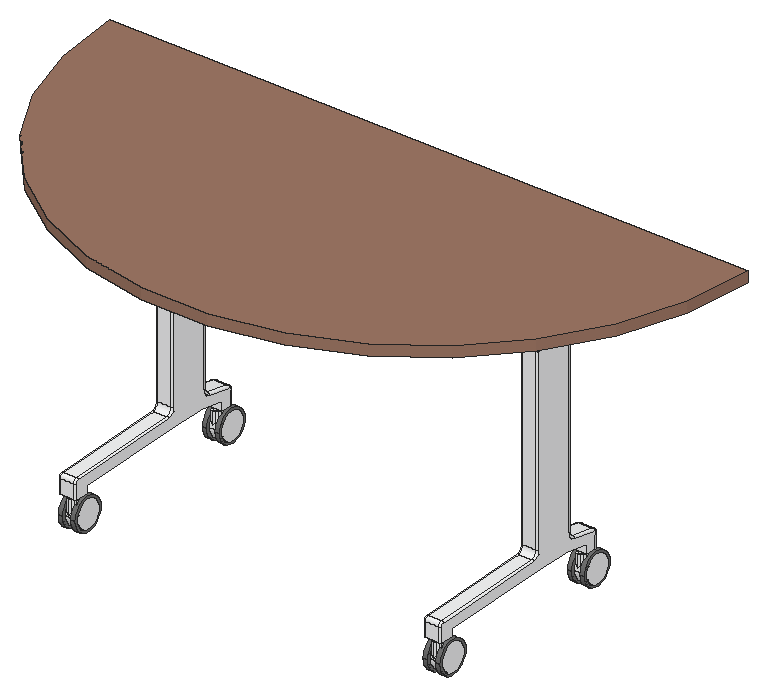
Revit family "NBS_Senator_OffcTbls_Array_HalfRound750mm", category Furniture, Revit 2018
Family settings
  Work Plane-Based = No
  Always vertical = Yes
  Cut with Voids When Loaded = No
  Shared = No
  Room Calculation Point = No
Parameters (values of type "Array-HalfRound750mm_ARC1507HR")
  WorksurfaceArea = 0.00 m²
  WheelMaterial = NBS_SenatorGroup_Rubber_Black
  WheelBrakeMaterial = NBS_SenatorGroup_Plastic_Grey
  WarrantyStartDate [instance] = "1900-12-31T23:59:59"
  WarrantyGuarantorParts = "contactus@thesenatorgroup.com"
  WarrantyGuarantorLabor = "n/a"
  WarrantyDurationUnit = "year"
  WarrantyDurationParts = "15"
  WarrantyDurationLabor = "n/a"
  WarrantyDescription = "Senator warrants that its manufactured products are free from manufacturing defects - in materials or workmanship - for a period of ten (10) years on Senator Seating ranges; and fifteen (15) years on Senator Desking ranges - exceptions are listed below. Senator will repair or replace (at Senator’s sole discretion) with comparable free of charge materials / components, any product / component, which fails under normal use in a single shift environment, as a result of a defect in the materials and / or workmanship"
  Version = "1"  # constant formula
  Uniclass2015Version = "Products v1.16"
  Uniclass2015Title = "Office tables"
  Uniclass2015Code = "Pr_40_50_21_60"
  TagNumber [instance] = "n/a"
  TableWidth = 1500 mm  # constant formula
  TableTopThickness = "25 mm"
  TableTopMaterial = NBS_SenatorGroup_Wood_Dark_Mocha
  TableTopAngle [instance] = if(ShowNested, 50.00°, 0.00°)  # 0.00°
  TableDepth = 750 mm  # constant formula
  SustainabilityPerformance = "99% recyclable"
  Style = "Table"
  Status = "UNSET"
  SpecifiableFeatures = "Quadrants, modesty panels, aluminium cable riser"
  Size = "750 x 1500 mm"
  ShowNested [instance] = no
  Shape = "n/a"
  SerialNumber [instance] = "n/a"
  Revision = "n/a"
  ReplacementCost = "n/a"
  Reference = "n/a"
  ProductInformation = "http://www.thesenatorgroup.com/uk/senator/"
  OptionalExtras = "Below desk power complete with flip unit, in-surface power unit, flip in-surface power unit"
  NumberOfChairs = 0
  NominalWidth = 1500 mm
  NominalLength = 1500 mm
  NominalHeight = 740 mm
  NominalDepth = 750 mm
  Name = "OfficeTables_Array-HalfRound750mm_ARC1507HR_TheSenatorGroup"
  NBSReference = "45-35-20/340"
  NBSDescription = "Office tables"
  NBSCertification = "www.nationalbimlibrary.com/cert/f3rtd0y5"
  ModelReference = "Array-HalfRound750mm_ARC1507HR"
  ModelNumber = "ARC1507HR"
  Material = "Aluminium, wood"
  ManufacturerURL = "www.senator.co.uk"
  ManufacturerName = "The Senator Group"
  Manufacturer = "sales@senator.co.uk"  # constant formula
  MainColor = "n/a"
  IsFlatDesk [instance] = not(ShowNested)  # yes
  IsBuiltIn = no
  InternalWheelMaterial = NBS_SenatorGroup_Aluminium_Flat_Silver
  InstallationDate [instance] = "1900-12-31T23:59:59"
  IfcExportType = "TABLE"  # constant formula
  IfcExportAs = "IfcFurnitureType"  # constant formula
  Grade = "n/a"
  FrameMaterial = NBS_SenatorGroup_Aluminium_Flat_Silver
  Finish = "Highland oak, beech, maple, white, autumn, winter oak, strata oak, mocha, carini walnutm hacienda white, denim, clay, lemon sorbet, light grey"
  Features = "Rigid cast aluminium frame, fully integrated cable management, lockable brake castors, nesting capabilities, gas assisted lift, single hand to unlock, flexible swipe-in cable risers, 25 mm MFC tops"
  ExpectedLife = "15"
  DurationUnit = "year"
  Description = "Half round table"
  Constituents = "n/a"
  Color = "Silver, white, black"
  CodePerformance = "BS EN 15372, BS EN 6396"
  Category = "Pr_40_50_21_60:Office tables"
  BarCode [instance] = "n/a"
  BIMObjectName = "NBS_TheSenatorGroup_OfficeTables_Array-HalfRound750mm_ARC1507HR"
  Author = "NBS"
  Attachment = 1000 mm  # constant formula
  AssetType = "Fixed"
  AssetIdentifier [instance] = "n/a"
  Application = "Office and educational settings"
  AccessibilityPerformance = "n/a"
Reference planes
  plane 1 "Center (Front/Back)": y = 0
  plane 2: z = 0
  plane 3 "Center (Left/Right)": x = 0
  plane 4 "Left": x = -750
  plane 5 "Rigth": x = 750
  plane 6 "Back": y = 375
  plane 7 "Front": y = -375
  plane 8 "Top": z = 740
  plane 9: z = 715
  plane 10: z = 571.471
  plane 11: z = 591.471
  plane 12: z = 685.251
  plane 13: z = 711.471
  plane 14: y = 234.123
  plane 15: y = 128.877
  plane 16: x = -449.579
  plane 17: x = 449.3
  plane 18: x = -409.579
  plane 19: x = 409.3
  plane 20: y = 294.123
Forms (mm)
  Extrusion 1, solid, material "NBS_SenatorGroup_Aluminium_Flat_Silver" <- "FrameMaterial"
    sketch origin (0, 0, 0) x (1, 0, 0) y (0, 0, 1)
      loop
        line (-449.579, 711.471) -> (-449.579, 571.471) -> (-409.579, 571.471) -> (-409.579, 581.81)
        arc (-409.579, 581.81) -> (-406.921, 588.47) -> (-400.408, 591.471) r 9.674
        line (-400.408, 591.471) -> (-279.579, 591.471) -> (-279.579, 685.251) -> (-324.75, 685.251)
        arc (-324.75, 685.251) -> (-336.219, 690.001) -> (-340.969, 701.471) r 16.22
        line (-340.969, 701.471) -> (-340.969, 711.471) -> (-449.579, 711.471)
      loop
        line (449.3, 571.471) -> (449.3, 711.471) -> (340.46, 711.471) -> (340.46, 700.314)
        arc (340.46, 700.314) -> (335.936, 690.17) -> (325.978, 685.251) r 16.364
        line (325.978, 685.251) -> (278.921, 685.251) -> (278.921, 591.471) -> (398.745, 591.471)
        arc (398.745, 591.471) -> (406.209, 588.379) -> (409.3, 580.915) r 10.556
        line (409.3, 580.915) -> (409.3, 571.471) -> (449.3, 571.471)
    from -234.123 to -128.877
  Extrusion 2, solid, material "NBS_SenatorGroup_Aluminium_Flat_Silver" <- "FrameMaterial"
    sketch origin (0, 0, 0) x (1, 0, 0) y (0, 0, 1)
      loop
        line (-279.579, 685.251) -> (-279.579, 591.471) -> (278.921, 591.471) -> (278.921, 685.251) -> (-279.579, 685.251)
    from -234.123 to -128.877
  Extrusion 3, void
    sketch origin (0, 0, 0) x (0, 1, 0) y (0, 0, 1)
      loop
        line (128.877, 599.471) -> (123.027, 599.471) -> (123.027, 567.664) -> (133.092, 567.664) -> (133.283, 571.471)
        arc (133.283, 571.471) -> (132.357, 585.672) -> (128.877, 599.471) r 78.333
      loop
        arc (234.123, 599.484) -> (230.628, 585.681) -> (229.717, 571.471) r 77.498
        line (229.717, 571.471) -> (230.493, 564.484) -> (240.493, 564.484) -> (240.493, 599.484) -> (234.123, 599.484)
    from -451.752 to 449.3
Cuts and joins
  Extrusion 3 cuts Extrusion 1
  Extrusion 3 cuts Extrusion 2
Lines and regions (mm)
  reference lines
    curve 1: line (0, 294.123, 715) -> (0, 139.123, 715)
Dimensions and locks
  equal spacing: plane 4 "Left", plane 3 "Center (Left/Right)", plane 5 "Rigth"
  plane 4 "Left" to plane 5 "Rigth" = 1500 mm
  equal spacing: plane 6 "Back", plane 1 "Center (Front/Back)", plane 7 "Front"
  plane 6 "Back" to plane 7 "Front" = 750 mm
  plane 8 "Top" to level = 740 mm
  plane 8 "Top" to plane 9 = 25 mm
  plane 15 to plane 14 to plane 6 "Back" = 105.246 mm, 140.877 mm
  locked: plane 6 "Back" to plane 20 at 80.877
  "TableTopAngle": angle plane 9 to curve 1
  aligned and locked: level to plane 2
  aligned and locked: Extrusion 1 sketch curve to plane 13
  aligned and locked: plane 10 to Extrusion 1 sketch curve
  aligned and locked: Extrusion 1 sketch curve to plane 11
  aligned and locked: Extrusion 1 sketch curve to plane 12
  aligned and locked: plane 19 to Extrusion 1 sketch curve
  aligned and locked: plane 18 to Extrusion 1 sketch curve
  aligned and locked: Extrusion 1 to plane 14
  aligned and locked: Extrusion 2 sketch curve to plane 12
  aligned and locked: plane 11 to Extrusion 2 sketch curve
  aligned and locked: Extrusion 2 to plane 14
  aligned and locked: plane 15 to Extrusion 2
  aligned and locked: nested 1 to plane 16
  aligned and locked: plane 17 to nested 2
  aligned and locked: Extrusion 1 to Extrusion 3
  aligned and locked: plane 4 "Left" to nested 3
  aligned and locked: plane 20 to curve 1
  aligned and locked: plane 9 to curve 1
  aligned and locked: plane 3 "Center (Left/Right)" to nested 4
  aligned and locked: nested 4 to plane 15
  aligned and locked: plane 13 to nested 4
Automatic sketch dimensions
  Extrusion 1 sketch curve to plane 16 = 0 mm
  Extrusion 1 sketch curve to plane 10 = 0 mm
  Extrusion 1 sketch curve to plane 13 = 0 mm
  Extrusion 1 sketch curve to plane 17 = 0 mm
  Extrusion 1 sketch curve to plane 11 = 9.661 mm
  plane 18 to Extrusion 1 sketch curve = 68.61 mm
  Extrusion 1 sketch curve to plane 13 = 10 mm
  Extrusion 1 sketch curve to plane 13 = 9.959 mm
  Extrusion 1 sketch curve to plane 19 = 85.16 mm
  Extrusion 1 sketch curve to Extrusion 1 sketch curve = 1.838 mm
  Extrusion 1 sketch curve to Extrusion 1 sketch curve = 16.32 mm
  plane 10 to Extrusion 1 sketch curve = 9.444 mm
  plane 18 to Extrusion 1 sketch curve = 9.171 mm
  Extrusion 1 sketch curve to Extrusion 1 sketch curve = 45.17 mm
  Extrusion 1 sketch curve to Extrusion 1 sketch curve = 47.057 mm
  plane 12 to Extrusion 1 sketch curve = 0 mm
  Extrusion 1 sketch curve to plane 11 = 0 mm
  plane 18 to Extrusion 2 sketch curve = 130 mm
  Extrusion 2 sketch curve to plane 19 = 130.38 mm
  Extrusion 3 sketch curve to plane 15 = 0 mm
  Extrusion 3 sketch curve to plane 10 = 0 mm  (x2)
  Extrusion 3 sketch curve to plane 14 = 0 mm
  Extrusion 3 sketch curve to Extrusion 3 sketch curve = 5.85 mm
  plane 10 to Extrusion 3 sketch curve = 2.023 mm
  Extrusion 3 sketch curve to plane 1 "Center (Front/Back)" = 54.976 mm
  Extrusion 3 sketch curve to plane 15 = 4.215 mm
  Extrusion 3 sketch curve to Extrusion 3 sketch curve = 0.191 mm
  Extrusion 3 sketch curve to plane 14 = 6.37 mm
  plane 10 to Extrusion 3 sketch curve = 2.168 mm
  Extrusion 3 sketch curve to Extrusion 3 sketch curve = 66.692 mm
  Extrusion 3 sketch curve to plane 10 = 3.806 mm
  Extrusion 3 sketch curve to plane 10 = 6.986 mm
  plane 11 to Extrusion 3 sketch curve = 8.014 mm
  plane 14 to Extrusion 3 sketch curve = 3.63 mm
Nested families
  nested 1: "NBS_Senator_Footing_600mm" at (-428.579, 86.415, 0), type "NBS_Senator_Footing_600mm"
  nested 2: "NBS_Senator_Footing_600mm" at (428.3, 86.415, 0), type "NBS_Senator_Footing_600mm"
  nested 3: "NBS_Senator_HalfRoudTableTop" at (0, 0, 716.2), type "NBS_Senator_HalfRoudTableTop"
  nested 4: "NBS_Senator_TableAttachement3" at (0, 71.5, -3.842), visible <- "ShowNested", type "NBS_Senator_TableAttachement2"
    with TableWidth 1000 mm
Definition of nested family "NBS_Senator_Footing_600mm"
  Parameters (values of type "NBS_Senator_Footing_600mm")
    WheelMaterial = none
    WheelBrakeMaterial = none
    IntWheelMaterial = none
    FrameMaterial = none
    FootingDepth = 600 mm  # constant formula
  Reference planes
    plane 1 "Center (Front/Back)": y = 0
    plane 2: z = 0
    plane 3 "Center (Left/Right)": x = 0
    plane 4 "Left": x = -19.75
    plane 5 "Right": x = 20.062
    plane 6 "Back": y = 300
    plane 7 "Front": y = -300
    plane 8: y = 260
    plane 9: y = -260
    plane 10 "WheeelTop": z = 74.691
    plane 11: z = 83.106
    plane 12: z = 152.106
    plane 13: x = -8.807
    plane 14: x = 10.057
    plane 15: x = -20.314
    plane 16: x = 20.662
    plane 17: x = -7.836
    plane 18: x = 8.164
    plane 19: y = -221.625
    plane 20: y = 202.138
    plane 21: z = 37.615
    plane 22: x = -4.577
    plane 23: x = 4.577
    plane 24: x = 16.836
    plane 25: x = -16.836
    plane 26 "Center L/S": x = -23
    plane 27 "Center L/T": x = 23
  Forms (mm)
    Extrusion 1, solid, material <- "WheelMaterial", detail levels medium+fine
      sketch origin (0, 0, 0) x (0, 1, 0) y (0, 0, 1)
        loop
          circle (-201.425, 37.5) r 37.265
        loop
          circle (221.616, 37.5) r 37.191
      from -19.75 to -9.836
    Extrusion 2, solid, material <- "WheelMaterial", detail levels medium+fine
      sketch origin (48.16, 0, 0) x (0, 1, 0) y (0, 0, 1)
        loop
          circle (-201.425, 37.5) r 37.265
        loop
          circle (221.616, 37.5) r 37.191
      from -38.103 to -28.097
    Extrusion 3, solid, material <- "IntWheelMaterial", detail levels fine
      sketch origin (0, 0, 0) x (0, 1, 0) y (0, 0, 1)
        loop
          circle (-201.425, 37.5) r 31.318
        loop
          circle (221.616, 37.5) r 31.491
      from -20.314 to -19.75
    Extrusion 4, solid, material <- "IntWheelMaterial", detail levels fine
      sketch origin (47.799, 0, 0) x (0, 1, 0) y (0, 0, 1)
        loop
          circle (-201.425, 37.5) r 31.318
        loop
          circle (221.616, 37.5) r 31.491
      from -27.736 to -27.136
    Extrusion 5, solid, material <- "IntWheelMaterial", detail levels medium+fine
      sketch origin (18.344, 0, 0.469) x (0, 1, 0) y (0, 0, 1)
        loop
          circle (-201.425, 37.5) r 31.318
        loop
          circle (221.616, 37.5) r 31.491
      from -26.179 to -10.18
    Extrusion 6, solid, material <- "FrameMaterial"
      sketch origin (0, 0, 0) x (1, 0, 0) y (0, 1, 0)
        loop
          line (0, -213.884) -> (-7.007, -218.335) -> (-7.007, -224.915) -> (0, -229.366) -> (7.007, -224.915) -> (7.007, -218.335) -> (0, -213.884)
        loop
          line (-0.937, 209.838) -> (-7.944, 205.388) -> (-7.944, 198.807) -> (-0.937, 194.356) -> (7.007, 198.807) -> (7.007, 205.388) -> (-0.937, 209.838)
      from 74.691 to 83.106
    Extrusion 7, solid, material <- "IntWheelMaterial", detail levels medium+fine
      sketch origin (0, 0, 0) x (1, 0, 0) y (0, 1, 0)
        loop
          line (0, -210.625) -> (-5.829, -212.296) -> (-8.079, -215.796) -> (-9.75, -221.625) -> (-8.079, -227.454) -> (-5.829, -230.954) -> (0, -232.625) -> (5.829, -230.954) -> (9.329, -227.454) -> (11, -221.625) -> (9.329, -215.796) -> (5.829, -212.296) -> (0, -210.625)
        loop
          line (0, 213.138) -> (-5.829, 211.467) -> (-8.079, 207.968) -> (-9.75, 202.138) -> (-8.079, 196.309) -> (-5.829, 192.81) -> (0, 191.138) -> (5.829, 192.81) -> (9.329, 196.309) -> (11, 202.138) -> (9.329, 207.968) -> (5.829, 211.467) -> (0, 213.138)
      from 37.615 to 74.691
    Extrusion 8, solid, material <- "FrameMaterial", detail levels coarse
      sketch origin (0, 0, 0) x (0, 1, 0) y (0, 0, 1)
        loop
          line (143.333, 571.771) -> (46.899, 571.771) -> (46.899, 153.032)
          arc (46.899, 153.032) -> (44.279, 142.661) -> (34.898, 137.52) r 13.389
          line (34.898, 137.52) -> (-229.767, 124.194)
          arc (-229.767, 124.194) -> (-235.459, 121.836) -> (-237.816, 116.145) r 8.05
          line (-237.816, 116.145) -> (-237.816, 83.109) -> (-206.929, 83.109) -> (-206.929, 98.956) -> (45.313, 111.656) -> (133.402, 111.656) -> (186.626, 103.142)
          arc (186.626, 103.142) -> (188.474, 102.271) -> (189.593, 100.562) r 3.76
          line (189.593, 100.562) -> (189.593, 83.106) -> (220.369, 83.106) -> (220.369, 117.398)
          arc (220.369, 117.398) -> (217.992, 123.137) -> (212.253, 125.514) r 8.116
          line (212.253, 125.514) -> (153.311, 136.398)
          arc (153.311, 136.398) -> (146.036, 142.864) -> (143.333, 152.214) r 17.524
          line (143.333, 152.214) -> (143.333, 571.771)
      from -21 to 21
    Extrusion 9, solid, material <- "FrameMaterial", detail levels medium+fine
      sketch origin (0, 0, 0) x (0, 1, 0) y (0, 0, 1)
        loop
          line (-239.77, 83.109) -> (-206.929, 83.109) -> (-206.929, 98.956) -> (45.313, 111.656) -> (133.402, 111.656) -> (186.626, 103.142)
          arc (186.626, 103.142) -> (188.474, 102.271) -> (189.593, 100.562) r 3.76
          line (189.593, 100.562) -> (189.593, 83.106) -> (220.369, 83.106) -> (220.369, 117.398)
          arc (220.369, 117.398) -> (217.992, 123.137) -> (212.253, 125.514) r 8.116
          line (212.253, 125.514) -> (153.311, 136.398)
          arc (153.311, 136.398) -> (146.036, 142.864) -> (143.333, 152.214) r 17.524
          line (143.333, 152.214) -> (143.333, 571.771) -> (44.899, 571.771) -> (44.899, 152.862)
          arc (44.899, 152.862) -> (41.625, 144.021) -> (33.382, 139.446) r 13.573
          line (33.382, 139.446) -> (-229.819, 126.372)
          arc (-229.819, 126.372) -> (-236.856, 123.457) -> (-239.77, 116.421) r 9.951
          line (-239.77, 116.421) -> (-239.77, 83.109)
      from -23 to 23
    Sweep 10, void
      path in 3D
        loop
          line (-21, -237.816, 83.109) -> (-21, -237.816, 116.145)
          arc (-21, -237.816, 116.145) -> (-21, -235.459, 121.836) -> (-21, -229.767, 124.194) r 8.05
          line (-21, -229.767, 124.194) -> (-21, 34.898, 137.52)
          arc (-21, 34.898, 137.52) -> (-21, 44.279, 142.661) -> (-21, 46.899, 153.032) r 13.389
          line (-21, 46.899, 153.032) -> (-21, 46.899, 571.771)
      profile origin (-21, 46.899, 362.401) x (0, 1, 0) y (-1, 0, 0)
        loop
          line (5.403, -0.897) -> (5.403, 5) -> (-10, 5) -> (-10, -38.02) -> (-10, -49.028) -> (5.061, -49.028) -> (5.061, -42.453)
          arc (5.061, -42.453) -> (1.514, -40.984) -> (0.045, -37.437) r 5.016
          line (0.045, -37.437) -> (0.045, -6.256)
          arc (0.045, -6.256) -> (1.614, -2.467) -> (5.403, -0.897) r 5.358
    Sweep 11, void
      path in 3D
        loop
          line (21, 220.369, 83.106) -> (21, 220.369, 117.398)
          arc (21, 220.369, 117.398) -> (21, 217.992, 123.137) -> (21, 212.253, 125.514) r 8.116
          line (21, 212.253, 125.514) -> (21, 153.311, 136.398)
          arc (21, 153.311, 136.398) -> (21, 146.036, 142.864) -> (21, 143.333, 152.214) r 17.524
          line (21, 143.333, 152.214) -> (21, 143.333, 571.771)
      profile origin (21, 143.333, 361.992) x (0, -1, 0) y (1, 0, 0)
        loop
          line (5, 0) -> (5, 2.292) -> (-3.545, 2.292) -> (-3.545, -5) -> (0, -5)
          arc (0, -5) -> (1.464, -1.464) -> (5, 0) r 5
    Sweep 12, void
      path in 3D
        loop
          line (-21, 143.333, 571.771) -> (-21, 143.333, 152.214)
          arc (-21, 143.333, 152.214) -> (-21, 146.036, 142.864) -> (-21, 153.311, 136.398) r 17.524
          line (-21, 153.311, 136.398) -> (-21, 212.253, 125.514)
          arc (-21, 212.253, 125.514) -> (-21, 217.992, 123.137) -> (-21, 220.369, 117.398) r 8.116
          line (-21, 220.369, 117.398) -> (-21, 220.369, 83.106)
      profile origin (-21, 143.333, 361.992) x (-1, 0, 0) y (0, -1, 0)
        loop
          arc (0, 5) -> (-1.464, 1.464) -> (-5, 0) r 5
          line (-5, 0) -> (-5, -3.611) -> (3.101, -3.611) -> (3.101, 5) -> (0, 5)
    Extrusion 13, void
      sketch origin (0, 0, 0) x (0, 1, 0) y (0, 0, 1)
        loop
          line (141.333, 574.416) -> (48.899, 574.416) -> (48.899, 153.191)
          arc (48.899, 153.191) -> (45.796, 141.354) -> (35.037, 135.524) r 15.389
          line (35.037, 135.524) -> (-229.72, 122.194)
          arc (-229.72, 122.194) -> (-234.028, 120.439) -> (-235.816, 116.145) r 6.05
          line (-235.816, 116.145) -> (-235.816, 83.109) -> (218.369, 83.109) -> (218.369, 117.398)
          arc (218.369, 117.398) -> (216.517, 121.782) -> (212.083, 123.511) r 6.116
          line (212.083, 123.511) -> (152.696, 134.478)
          arc (152.696, 134.478) -> (144.417, 141.682) -> (141.333, 152.214) r 19.524
          line (141.333, 152.214) -> (141.333, 574.416)
      from 21 to 30.964
    Extrusion 14, void
      sketch origin (0, 0, 0) x (0, 1, 0) y (0, 0, 1)
        loop
          arc (49.876, 153.264) -> (46.535, 140.714) -> (35.104, 134.549) r 16.366
          line (35.104, 134.549) -> (-229.7, 121.217)
          arc (-229.7, 121.217) -> (-233.33, 119.755) -> (-234.839, 116.145) r 5.072
          line (-234.839, 116.145) -> (-234.839, 83.109) -> (218.369, 83.109) -> (218.369, 117.398)
          arc (218.369, 117.398) -> (216.517, 121.782) -> (212.083, 123.511) r 6.116
          line (212.083, 123.511) -> (152.696, 134.478)
          arc (152.696, 134.478) -> (144.417, 141.682) -> (141.333, 152.214) r 19.524
          line (141.333, 152.214) -> (141.333, 573.037) -> (49.876, 573.037) -> (49.876, 153.264)
      from -20.69 to -26.23
    Extrusion 15, solid, material <- "WheelMaterial", detail levels coarse
      sketch origin (0, 0, 0) x (0, 1, 0) y (0, 0, 1)
        loop
          circle (-201.425, 37.615) r 37.585
        loop
          circle (221.616, 37.615) r 37.628
      from -20.314 to 20.662
  Cuts and joins
    joined: Extrusion 5, Extrusion 7
    Sweep 10, Sweep 11, Sweep 12, Extrusion 13, Extrusion 14 cuts Extrusion 9
  Lines and regions (mm)
    sketch lines
      curve 1: line (-21, 46.899, 153.032) -> (-21, 46.899, 571.771)
      curve 2: arc (-21, 46.899, 153.032) -> (-21, 44.279, 142.661) -> (-21, 34.898, 137.52) r 13.389
      curve 3: line (-21, -229.767, 124.194) -> (-21, 34.898, 137.52)
      curve 4: arc (-21, -229.767, 124.194) -> (-21, -235.459, 121.836) -> (-21, -237.816, 116.145) r 8.05
      curve 5: line (-21, -237.816, 83.109) -> (-21, -237.816, 116.145)
      curve 6: line (21, 143.333, 152.214) -> (21, 143.333, 571.771)
      curve 7: arc (21, 143.333, 152.214) -> (21, 146.036, 142.864) -> (21, 153.311, 136.398) r 17.524
      curve 8: line (21, 212.253, 125.514) -> (21, 153.311, 136.398)
      curve 9: arc (21, 212.253, 125.514) -> (21, 217.992, 123.137) -> (21, 220.369, 117.398) r 8.116
      curve 10: line (21, 220.369, 83.106) -> (21, 220.369, 117.398)
      curve 11: line (-21, 143.333, 571.771) -> (-21, 143.333, 152.214)
      curve 12: arc (-21, 153.311, 136.398) -> (-21, 146.036, 142.864) -> (-21, 143.333, 152.214) r 17.524
      curve 13: line (-21, 153.311, 136.398) -> (-21, 212.253, 125.514)
      curve 14: arc (-21, 220.369, 117.398) -> (-21, 217.992, 123.137) -> (-21, 212.253, 125.514) r 8.116
      curve 15: line (-21, 220.369, 117.398) -> (-21, 220.369, 83.106)
  Dimensions and locks
    equal spacing: plane 6 "Back", plane 1 "Center (Front/Back)", plane 7 "Front"
    "FootingDepth": plane 6 "Back" to plane 7 "Front"
    locked: plane 8 to plane 6 "Back" at 40
    locked: plane 9 to plane 7 "Front" at 40
    plane 10 "WheeelTop" to level = 74.691 mm
    plane 12 to plane 11 to plane 10 "WheeelTop" to level = 69 mm, 8.414 mm, 74.691 mm
    locked: plane 13 to plane 4 "Left" at 10.943
    plane 14 to plane 5 "Right" = 10.006 mm
    locked: plane 4 "Left" to plane 15 at 0.564
    locked: plane 16 to plane 5 "Right" at 0.6
    plane 19 to plane 9 = 38.375 mm
    plane 8 to plane 20 = 57.862 mm
    equal spacing: plane 23, plane 3 "Center (Left/Right)", plane 22, locked at 4.577 each
    equal spacing: plane 24, plane 3 "Center (Left/Right)", plane 25, locked at 16.836 each
    plane 4 "Left" to plane 26 "Center L/S" = 3.25 mm
    plane 27 "Center L/T" to plane 5 "Right" = 2.938 mm
    aligned and locked: level to plane 2
    aligned and locked: Extrusion 1 to plane 4 "Left"
    aligned and locked: plane 14 to Extrusion 2
    aligned and locked: plane 5 "Right" to Extrusion 2
    aligned and locked: plane 4 "Left" to Extrusion 3
    aligned and locked: Extrusion 3 to plane 15
    aligned and locked: Extrusion 4 to plane 5 "Right"
    aligned and locked: Extrusion 4 to plane 16
    aligned and locked: plane 18 to Extrusion 5
    aligned and locked: plane 17 to Extrusion 5
    aligned and locked: Extrusion 6 to plane 11
    aligned and locked: Extrusion 6 to plane 10 "WheeelTop"
    aligned and locked: plane 21 to Extrusion 7
    aligned and locked: plane 10 "WheeelTop" to Extrusion 7
    aligned and locked: Extrusion 8 sketch curve to plane 11
    aligned and locked: Extrusion 9 to plane 26 "Center L/S"
    aligned and locked: plane 27 "Center L/T" to Extrusion 9
    aligned and locked: Extrusion 15 to Extrusion 3
    aligned and locked: Extrusion 15 to plane 16
  Automatic sketch dimensions
    plane 9 to Extrusion 1 sketch curve = 58.575 mm
    plane 8 to Extrusion 1 sketch curve = 38.384 mm
    Extrusion 1 sketch curve to plane 10 "WheeelTop" = 37.191 mm  (x2)
    plane 9 to Extrusion 2 sketch curve = 58.575 mm
    plane 8 to Extrusion 2 sketch curve = 38.384 mm
    Extrusion 2 sketch curve to plane 10 "WheeelTop" = 37.191 mm  (x2)
    plane 9 to Extrusion 3 sketch curve = 58.575 mm
    plane 8 to Extrusion 3 sketch curve = 38.384 mm
    Extrusion 3 sketch curve to plane 10 "WheeelTop" = 37.191 mm  (x2)
    plane 9 to Extrusion 4 sketch curve = 58.575 mm
    plane 8 to Extrusion 4 sketch curve = 38.384 mm
    Extrusion 4 sketch curve to plane 10 "WheeelTop" = 37.191 mm  (x2)
    plane 9 to Extrusion 5 sketch curve = 58.575 mm
    plane 8 to Extrusion 5 sketch curve = 38.384 mm
    Extrusion 5 sketch curve to plane 10 "WheeelTop" = 36.723 mm  (x2)
    Extrusion 6 sketch curve to plane 3 "Center (Left/Right)" = 0 mm  (x2)
    plane 17 to Extrusion 6 sketch curve = 0.829 mm
    plane 20 to Extrusion 6 sketch curve = 3.249 mm  (x2)
    Extrusion 6 sketch curve to plane 16 = 28.607 mm
    Extrusion 6 sketch curve to Extrusion 6 sketch curve = 7.007 mm  (x2)
    plane 20 to Extrusion 6 sketch curve = 7.7 mm
    Extrusion 6 sketch curve to Extrusion 6 sketch curve = 6.581 mm
    plane 19 to Extrusion 6 sketch curve = 3.29 mm  (x2)
    Extrusion 6 sketch curve to plane 19 = 3.29 mm  (x2)
    Extrusion 6 sketch curve to plane 19 = 7.741 mm
    Extrusion 6 sketch curve to plane 18 = 1.157 mm  (x2)
    plane 19 to Extrusion 6 sketch curve = 7.741 mm
    Extrusion 6 sketch curve to plane 20 = 7.782 mm
    Extrusion 6 sketch curve to plane 20 = 3.332 mm
    Extrusion 7 sketch curve to plane 19 = 0 mm  (x2)
    Extrusion 7 sketch curve to plane 20 = 0 mm  (x2)
    Extrusion 7 sketch curve to plane 3 "Center (Left/Right)" = 0 mm  (x4)
    plane 17 to Extrusion 7 sketch curve = 2.007 mm  (x4)
    plane 13 to Extrusion 7 sketch curve = 0.728 mm  (x4)
    Extrusion 7 sketch curve to plane 13 = 0.943 mm  (x2)
    Extrusion 7 sketch curve to plane 18 = 2.335 mm  (x4)
    plane 14 to Extrusion 7 sketch curve = 0.728 mm  (x4)
    Extrusion 7 sketch curve to plane 14 = 0.943 mm  (x2)
    Extrusion 7 sketch curve to plane 19 = 5.829 mm  (x2)
    Extrusion 7 sketch curve to Extrusion 7 sketch curve = 3.499 mm  (x8)
    Extrusion 7 sketch curve to Extrusion 7 sketch curve = 1.671 mm  (x5)
    plane 19 to Extrusion 7 sketch curve = 5.829 mm  (x2)
    Extrusion 7 sketch curve to plane 20 = 11 mm
    plane 20 to Extrusion 7 sketch curve = 5.829 mm  (x2)
    Sweep 11 sketch curve to profile plane = 0 mm  (x2)
    profile plane to Sweep 11 sketch curve = 3.545 mm
    Sweep 11 sketch curve to profile plane = 5 mm
    profile plane to Sweep 11 sketch curve = 2.292 mm
    Sweep 12 sketch curve to profile plane = 0 mm  (x2)
    Sweep 12 sketch curve to profile plane = 5 mm
    profile plane to Sweep 12 sketch curve = 3.101 mm
    profile plane to Sweep 12 sketch curve = 3.611 mm
    profile plane to Sweep 10 sketch curve = 10 mm
    Sweep 10 sketch curve to profile plane = 0.045 mm
    Sweep 10 sketch curve to Sweep 10 sketch curve = 5.016 mm
    Sweep 10 sketch curve to profile plane = 5.403 mm
    Sweep 10 sketch curve to profile plane = 42.453 mm
    Sweep 10 sketch curve to Sweep 10 sketch curve = 0.583 mm
    Sweep 10 sketch curve to profile plane = 6.256 mm
    profile plane to Sweep 10 sketch curve = 5 mm
    Sweep 10 sketch curve to Sweep 10 sketch curve = 11.008 mm
    Sweep 10 sketch curve to Sweep 10 sketch curve = 0 mm
    Extrusion 13 sketch curve to plane 20 = 60.806 mm
    plane 12 to Extrusion 13 sketch curve = 17.628 mm
    Extrusion 13 sketch curve to Extrusion 13 sketch curve = 11.363 mm
    Extrusion 13 sketch curve to plane 12 = 0.109 mm
    plane 20 to Extrusion 13 sketch curve = 9.945 mm
    Extrusion 13 sketch curve to Extrusion 13 sketch curve = 0.17 mm
    Extrusion 13 sketch curve to Extrusion 13 sketch curve = 6.116 mm
    Extrusion 13 sketch curve to Extrusion 13 sketch curve = 34.289 mm
    Extrusion 13 sketch curve to plane 11 = 0.004 mm
    Extrusion 13 sketch curve to Extrusion 13 sketch curve = 33.035 mm
    Extrusion 13 sketch curve to Extrusion 13 sketch curve = 6.05 mm
    Extrusion 13 sketch curve to plane 19 = 8.095 mm
    Extrusion 13 sketch curve to Extrusion 13 sketch curve = 0.047 mm
    plane 12 to Extrusion 13 sketch curve = 16.582 mm
    plane 12 to Extrusion 13 sketch curve = 1.252 mm
    Extrusion 13 sketch curve to Extrusion 13 sketch curve = 1.348 mm
    Extrusion 13 sketch curve to plane 12 = 1.085 mm
    Extrusion 13 sketch curve to Extrusion 13 sketch curve = 422.202 mm
    Extrusion 13 sketch curve to plane 1 "Center (Front/Back)" = 33.689 mm
    Extrusion 14 sketch curve to plane 11 = 0.004 mm
    Extrusion 14 sketch curve to plane 19 = 13.214 mm
    Extrusion 14 sketch curve to Extrusion 14 sketch curve = 5.072 mm
    Extrusion 14 sketch curve to Extrusion 14 sketch curve = 0.066 mm
    plane 12 to Extrusion 14 sketch curve = 1.252 mm
    Extrusion 14 sketch curve to plane 1 "Center (Front/Back)" = 33.689 mm
    Extrusion 14 sketch curve to Extrusion 14 sketch curve = 1.415 mm
    Extrusion 14 sketch curve to plane 12 = 1.158 mm
    Extrusion 14 sketch curve to Extrusion 14 sketch curve = 16.187 mm
    Extrusion 14 sketch curve to plane 12 = 0.109 mm
    Extrusion 14 sketch curve to plane 20 = 60.806 mm
    plane 12 to Extrusion 14 sketch curve = 17.628 mm
    Extrusion 14 sketch curve to Extrusion 14 sketch curve = 11.363 mm
    plane 20 to Extrusion 14 sketch curve = 9.945 mm
    Extrusion 14 sketch curve to Extrusion 14 sketch curve = 0.17 mm
    Extrusion 14 sketch curve to Extrusion 14 sketch curve = 6.116 mm
    Extrusion 14 sketch curve to plane 11 = 33.039 mm
    Extrusion 14 sketch curve to plane 11 = 34.292 mm
    Extrusion 14 sketch curve to Extrusion 14 sketch curve = 419.773 mm
    Extrusion 8 sketch curve to plane 19 = 16.191 mm
    Extrusion 8 sketch curve to Extrusion 8 sketch curve = 8.05 mm
    plane 19 to Extrusion 8 sketch curve = 14.696 mm
    plane 12 to Extrusion 8 sketch curve = 1.252 mm
    Extrusion 8 sketch curve to plane 1 "Center (Front/Back)" = 33.689 mm
    plane 12 to Extrusion 8 sketch curve = 14.586 mm
    Extrusion 8 sketch curve to Extrusion 8 sketch curve = 1.209 mm
    Extrusion 8 sketch curve to Extrusion 8 sketch curve = 10.415 mm
    Extrusion 8 sketch curve to plane 1 "Center (Front/Back)" = 46.899 mm
    Extrusion 8 sketch curve to plane 11 = 28.551 mm
    Extrusion 8 sketch curve to plane 20 = 68.736 mm
    Extrusion 8 sketch curve to plane 12 = 0.109 mm
    Extrusion 8 sketch curve to Extrusion 8 sketch curve = 9.931 mm
    plane 12 to Extrusion 8 sketch curve = 15.708 mm
    Extrusion 8 sketch curve to Extrusion 8 sketch curve = 9.979 mm
    Extrusion 8 sketch curve to plane 20 = 16.132 mm
    Extrusion 8 sketch curve to Extrusion 8 sketch curve = 0.619 mm
    Extrusion 8 sketch curve to Extrusion 8 sketch curve = 3.586 mm
    plane 20 to Extrusion 8 sketch curve = 10.115 mm
    plane 20 to Extrusion 8 sketch curve = 18.231 mm
    Extrusion 8 sketch curve to plane 11 = 0.004 mm
    Extrusion 8 sketch curve to Extrusion 8 sketch curve = 15.847 mm
    Extrusion 8 sketch curve to plane 11 = 16.328 mm
    Extrusion 8 sketch curve to Extrusion 8 sketch curve = 1.129 mm
    Extrusion 8 sketch curve to Extrusion 8 sketch curve = 17.188 mm
    Extrusion 8 sketch curve to Extrusion 8 sketch curve = 16.836 mm
    Extrusion 8 sketch curve to Extrusion 8 sketch curve = 418.738 mm
    plane 11 to Extrusion 9 sketch curve = 0 mm
    Extrusion 9 sketch curve to plane 11 = 0.004 mm
    Extrusion 9 sketch curve to plane 19 = 18.145 mm
    Extrusion 9 sketch curve to plane 19 = 8.194 mm
    plane 19 to Extrusion 9 sketch curve = 14.696 mm
    Extrusion 9 sketch curve to plane 12 = 0.756 mm
    Extrusion 9 sketch curve to plane 1 "Center (Front/Back)" = 31.327 mm
    plane 12 to Extrusion 9 sketch curve = 12.66 mm
    Extrusion 9 sketch curve to Extrusion 9 sketch curve = 2.056 mm
    Extrusion 9 sketch curve to Extrusion 9 sketch curve = 11.931 mm
    Extrusion 9 sketch curve to plane 11 = 28.551 mm
    Extrusion 9 sketch curve to plane 20 = 68.736 mm
    Extrusion 9 sketch curve to plane 20 = 58.806 mm
    plane 12 to Extrusion 9 sketch curve = 15.708 mm
    Extrusion 9 sketch curve to Extrusion 9 sketch curve = 9.979 mm
    Extrusion 9 sketch curve to plane 12 = 0.109 mm
    Extrusion 9 sketch curve to plane 20 = 16.132 mm
    Extrusion 9 sketch curve to Extrusion 9 sketch curve = 0.619 mm
    Extrusion 9 sketch curve to Extrusion 9 sketch curve = 3.586 mm
    plane 20 to Extrusion 9 sketch curve = 10.115 mm
    plane 20 to Extrusion 9 sketch curve = 18.231 mm
    Extrusion 9 sketch curve to Extrusion 9 sketch curve = 15.847 mm
    Extrusion 9 sketch curve to plane 11 = 16.328 mm
    Extrusion 9 sketch curve to Extrusion 9 sketch curve = 1.129 mm
    Extrusion 9 sketch curve to Extrusion 9 sketch curve = 17.465 mm
    Extrusion 9 sketch curve to plane 11 = 34.292 mm
    Extrusion 9 sketch curve to Extrusion 9 sketch curve = 418.909 mm
    plane 21 to Extrusion 15 sketch curve = 0 mm  (x2)
    plane 19 to Extrusion 15 sketch curve = 20.2 mm
    plane 20 to Extrusion 15 sketch curve = 19.477 mm
    radius of Extrusion 1 sketch curve = 37.265 mm
    radius of Extrusion 1 sketch curve = 37.191 mm
    radius of Extrusion 2 sketch curve = 37.265 mm
    radius of Extrusion 2 sketch curve = 37.191 mm
    radius of Extrusion 3 sketch curve = 31.318 mm
    radius of Extrusion 3 sketch curve = 31.491 mm
    radius of Extrusion 4 sketch curve = 31.318 mm
    radius of Extrusion 4 sketch curve = 31.491 mm
    radius of Extrusion 5 sketch curve = 31.318 mm
    radius of Extrusion 5 sketch curve = 31.491 mm
    radius of Extrusion 15 sketch curve = 37.585 mm
    radius of Extrusion 15 sketch curve = 37.628 mm
Definition of nested family "NBS_Senator_HalfRoudTableTop"
  Parameters (values of type "NBS_Senator_HalfRoudTableTop")
    TableWidth = 1500 mm
    TableTopThickness = 25 mm  # constant formula
    TableTopMaterial = none
    TableDepth = 750 mm
    FrameMaterial = none
    Default Elevation = 0 mm
  Reference planes
    plane 1 "Center (Front/Back)": y = 0
    plane 2: z = 0
    plane 3 "Center (Left/Right)": x = 0
    plane 4 "Left": x = -750
    plane 5 "Right": x = 750
    plane 6 "Back": y = 375
    plane 7 "Front": y = -375
    plane 8 "Top": z = 25
    plane 9: x = -338.75
    plane 10: x = -280.75
    plane 11: x = 279.75
    plane 12: x = 337.75
    plane 13: y = -168.25
    plane 14: y = -193.25
    plane 15: x = -65.119
    plane 16: x = 65.119
    plane 17: z = -25
    plane 18: z = -19.221
  Forms (mm)
    Extrusion 1, solid, material <- "TableTopMaterial"
      sketch origin (0, 0, 0) x (1, 0, 0) y (0, 1, 0)
        loop
          arc (-750, 375) -> (0, -375) -> (750, 375) r 750
          line (750, 375) -> (-750, 375)
      from 0 to 25
    Extrusion 2, solid, material <- "FrameMaterial"
      sketch origin (0, 0, 0) x (1, 0, 0) y (0, 1, 0)
        loop
          line (-338.75, 341.41) -> (-338.75, -206.618) -> (-280.75, -206.618) -> (-280.75, 341.41) -> (-338.75, 341.41)
        loop
          line (279.75, 341.41) -> (279.75, -206.618) -> (337.75, -206.618) -> (337.75, 341.41) -> (279.75, 341.41)
      from 0 to -25
    Extrusion 3, solid, material <- "FrameMaterial"
      sketch origin (0, 0, 0) x (1, 0, 0) y (0, 1, 0)
        loop
          line (-316.5, -168.25) -> (-316.5, -193.25) -> (316.5, -193.25) -> (316.5, -168.25) -> (-316.5, -168.25)
      from 0 to -14.047
    Extrusion 4, solid, material <- "FrameMaterial"
      sketch origin (0, 0, 0) x (1, 0, 0) y (0, 1, 0)
        loop
          line (-65.119, -9.559) -> (-65.119, -200.093) -> (65.119, -200.093) -> (65.119, -9.559) -> (-65.119, -9.559)
      from 0 to -19.221
  Dimensions and locks
    equal spacing: plane 4 "Left", plane 3 "Center (Left/Right)", plane 5 "Right"
    "TableWidth": plane 4 "Left" to plane 5 "Right"
    equal spacing: plane 6 "Back", plane 1 "Center (Front/Back)", plane 7 "Front"
    "TableDepth": plane 6 "Back" to plane 7 "Front"
    "TableTopThickness": plane 8 "Top" to level
    plane 4 "Left" to plane 9 to plane 10 = 411.25 mm, 58 mm
    plane 11 to plane 12 to plane 5 "Right" = 58 mm, 412.25 mm
    plane 13 to plane 14 to plane 7 "Front" = 25 mm, 181.75 mm
    equal spacing: plane 15, plane 3 "Center (Left/Right)", plane 16
    plane 15 to plane 16 = 130.238 mm
    plane 17 to level = 25 mm
    locked: plane 18 to plane 17 at 5.779
    aligned and locked: level to plane 2
    aligned and locked: Extrusion 1 sketch curve to plane 6 "Back"
    aligned and locked: plane 8 "Top" to Extrusion 1
    aligned and locked: Extrusion 1 to plane 8 "Top"
    aligned and locked: Extrusion 1 to level
    aligned and locked: Extrusion 2 sketch curve to plane 10
    aligned and locked: plane 9 to Extrusion 2 sketch curve
    aligned and locked: Extrusion 3 sketch curve to plane 13
    aligned and locked: plane 14 to Extrusion 3 sketch curve
    aligned and locked: plane 17 to Extrusion 2
    aligned and locked: Extrusion 4 sketch curve to plane 16
    aligned and locked: plane 15 to Extrusion 4 sketch curve
    aligned and locked: Extrusion 4 to plane 18
  Automatic sketch dimensions
    Extrusion 1 sketch curve to plane 3 "Center (Left/Right)" = 0 mm
    Extrusion 1 sketch curve to plane 4 "Left" = 0 mm
    Extrusion 2 sketch curve to plane 11 = 0 mm
    Extrusion 2 sketch curve to plane 12 = 0 mm
    Extrusion 2 sketch curve to plane 14 = 13.368 mm  (x2)
    Extrusion 2 sketch curve to plane 6 "Back" = 33.59 mm  (x2)
    plane 9 to Extrusion 3 sketch curve = 22.25 mm
    Extrusion 3 sketch curve to plane 12 = 21.25 mm
    Extrusion 4 sketch curve to plane 14 = 6.843 mm
    plane 1 "Center (Front/Back)" to Extrusion 4 sketch curve = 9.559 mm
Definition of nested family "NBS_Senator_TableAttachement3"
  Parameters (values of type "NBS_Senator_TableAttachement3")
    TableWidth = 1200 mm
    TableDepth = 600 mm  # constant formula
    FrameMaterial = none
  Reference planes
    plane 1 "Center (Front/Back)": y = 0
    plane 2: z = 0
    plane 3 "Center (Left/Right)": x = 0
    plane 4 "Left": x = -600
    plane 5 "Right": x = 600
    plane 6: x = -508.539
    plane 7: x = 508.461
    plane 8: x = -416.039
    plane 9: x = 416.039
    plane 10: x = -550.539
    plane 11: x = 550.461
    plane 12: x = 478.05
    plane 13: x = 463.05
    plane 14: x = -478
    plane 15: x = -464
    plane 16: x = 479.321
    plane 17: x = -479.715
    plane 18: x = -451.685
    plane 19: x = -474.775
    plane 20: x = 451.552
    plane 21: x = 474.642
    plane 22: x = 457.347
    plane 23: x = 468.677
    plane 24: x = -469.777
    plane 25: x = -458.372
    plane 26: x = -459.575
    plane 27: x = -468.524
    plane 28: x = -466.683
    plane 29: x = -461.415
    plane 30: x = 458.576
    plane 31: x = 460.416
    plane 32: x = 465.684
    plane 33: x = 467.525
  Forms (mm)
    Extrusion 1, solid, material <- "FrameMaterial", detail levels medium+fine
      sketch origin (-0.039, -16.997, 23.935) x (1, 0, 0) y (0, 0.999848, -0.017452)
        loop
          line (463.05, 65.388) -> (457.385, 63.042) -> (455.078, 57.377) -> (457.385, 51.712) -> (463.05, 49.366) -> (468.715, 51.712) -> (471.1, 57.377) -> (468.715, 63.042) -> (463.05, 65.388)
        loop
          line (-464, 65.391) -> (-469.705, 63.044) -> (-472.053, 57.377) -> (-469.705, 51.71) -> (-464, 49.363) -> (-458.333, 51.71) -> (-456.025, 57.377) -> (-458.333, 63.044) -> (-464, 65.391)
      from 699.203 to 866.768
    Extrusion 2, solid, material <- "FrameMaterial", detail levels medium+fine
      sketch origin (0, -16.997, 1.122) x (1, 0, 0) y (0, 0.999848, -0.017452)
        loop
          circle (463.05, 57.377) r 4.523
        loop
          circle (-464, 57.377) r 4.5
      from 715.313 to 722.012
    Extrusion 3, solid, material <- "FrameMaterial", detail levels medium+fine
      sketch origin (0, 0, 0) x (0, 1, 0) y (0, 0, 1)
        loop
          line (57.377, 715.313) -> (47.357, 715.313)
          arc (47.357, 715.313) -> (48.729, 710.664) -> (52.406, 707.506) r 8.559
          line (52.406, 707.506) -> (57.377, 705.236) -> (57.377, 715.313)
      from -468.524 to -466.683
    Extrusion 4, solid, material <- "FrameMaterial", detail levels medium+fine
      sketch origin (7.108, 0, 0) x (0, 1, 0) y (0, 0, 1)
        loop
          line (57.377, 715.313) -> (47.357, 715.313)
          arc (47.357, 715.313) -> (48.729, 710.664) -> (52.406, 707.506) r 8.559
          line (52.406, 707.506) -> (57.377, 705.236) -> (57.377, 715.313)
      from -468.524 to -466.683
    Extrusion 5, solid, material <- "FrameMaterial", detail levels medium+fine
      sketch origin (927.022, 0, 0) x (0, 1, 0) y (0, 0, 1)
        loop
          line (57.377, 715.313) -> (47.357, 715.313)
          arc (47.357, 715.313) -> (48.729, 710.664) -> (52.406, 707.506) r 8.559
          line (52.406, 707.506) -> (57.377, 705.236) -> (57.377, 715.313)
      from -468.446 to -466.606
    Extrusion 6, solid, material <- "FrameMaterial", detail levels medium+fine
      sketch origin (934.131, 0, 0) x (0, 1, 0) y (0, 0, 1)
        loop
          line (57.377, 715.313) -> (47.357, 715.313)
          arc (47.357, 715.313) -> (48.729, 710.664) -> (52.406, 707.506) r 8.559
          line (52.406, 707.506) -> (57.377, 705.236) -> (57.377, 715.313)
      from -468.446 to -466.606
    Extrusion 7, solid, material <- "FrameMaterial", detail levels medium+fine
      sketch origin (0, 4.33, 18.416) x (0, 1, 0) y (0, 0, 1)
        loop
          line (72.797, 875.846) -> (47.365, 906.154) -> (46.655, 905.444) -> (72.087, 875.136) -> (72.797, 875.846)
      from -474.775 to -451.685
    Extrusion 8, solid, material <- "FrameMaterial", detail levels medium+fine
      sketch origin (926.25, 4.33, 18.416) x (0, 1, 0) y (0, 0, 1)
        loop
          line (72.797, 875.846) -> (47.365, 906.154) -> (46.655, 905.444) -> (72.087, 875.136) -> (72.797, 875.846)
      from -474.698 to -451.608
    Revolve 9, solid, material <- "FrameMaterial", detail levels medium+fine
      sketch origin (-464, -15.121, 23.814) x (0, 0.999848, -0.017452) y (0, 0.017452, 0.999848)
        loop
          arc (55.498, 881.756) -> (52.998, 880.721) -> (51.963, 878.221) r 3.536
          line (51.963, 878.221) -> (49.778, 866.557) -> (55.498, 866.457) -> (55.498, 881.756)
        axis (55.498, 866.457) -> (55.498, 881.756)
      angle from 0 to 360
    Revolve 10, solid, material <- "FrameMaterial", detail levels medium+fine
      sketch origin (463.05, -15.121, 23.814) x (0, 0.999848, -0.017452) y (0, 0.017452, 0.999848)
        loop
          arc (55.498, 881.756) -> (52.998, 880.721) -> (51.963, 878.221) r 3.536
          line (51.963, 878.221) -> (49.834, 866.855) -> (55.498, 866.756) -> (55.498, 881.756)
        axis (55.498, 866.756) -> (55.498, 881.756)
      angle from 0 to 360
    Extrusion 11, solid, material <- "FrameMaterial", detail levels medium+fine
      sketch origin (0, 0.154, 23.394) x (0, 1, 0) y (0, 0, 1)
        loop
          line (67.91, 880.113) -> (58.238, 891.64) -> (52.436, 879.197)
          arc (52.436, 879.197) -> (52.985, 875.909) -> (56.042, 874.579) r 3.493
          line (56.042, 874.579) -> (67.91, 880.113)
      from -469.777 to -458.372
    Extrusion 12, solid, material <- "FrameMaterial", detail levels medium+fine
      sketch origin (927.086, 0.154, 23.394) x (0, 1, 0) y (0, 0, 1)
        loop
          line (67.91, 880.113) -> (58.238, 891.64) -> (52.436, 879.197)
          arc (52.436, 879.197) -> (52.985, 875.909) -> (56.042, 874.579) r 3.493
          line (56.042, 874.579) -> (67.91, 880.113)
      from -469.739 to -458.41
  Cuts and joins
    joined: Extrusion 1, Revolve 9, Revolve 10
  Dimensions and locks
    equal spacing: plane 4 "Left", plane 3 "Center (Left/Right)", plane 5 "Right"
    "TableWidth": plane 4 "Left" to plane 5 "Right"
    plane 4 "Left" to plane 6 = 91.461 mm  (x2)
    plane 7 to plane 5 "Right" = 91.539 mm  (x2)
    locked: plane 10 to plane 6 at 42
    locked: plane 7 to plane 11 at 42
    plane 5 "Right" to plane 12 to plane 13 = 121.95 mm locked, 15 mm locked
    plane 15 to plane 14 to plane 4 "Left" = 14 mm locked, 122 mm locked
    plane 16 to plane 12 = 1.271 mm
    plane 14 to plane 17 = 1.715 mm
    plane 4 "Left" to plane 19 to plane 18 = 125.225 mm, 23.09 mm locked
    plane 20 to plane 21 to plane 5 "Right" = 23.09 mm locked, 125.358 mm
    plane 6 to plane 27 to plane 28 to plane 29 to plane 26 = 40.015 mm locked, 1.84 mm locked, 5.268 mm locked, 1.84 mm locked
    plane 6 to plane 24 to plane 25 = 38.761 mm locked, 11.405 mm locked
    plane 22 to plane 23 to plane 7 = 11.33 mm locked, 39.785 mm locked
    locked: plane 30 to plane 31 at 1.84
    locked: plane 32 to plane 33 at 1.84
    plane 30 to plane 13 to plane 33 = 4.474 mm, 4.474 mm
    plane 30 to plane 33 to plane 21 = 8.949 mm locked, 7.118 mm locked
    aligned and locked: level to plane 2
    aligned and locked: plane 20 to Extrusion 8
    aligned and locked: Extrusion 8 to plane 21
    aligned and locked: plane 19 to Extrusion 7
    aligned and locked: Extrusion 7 to plane 18
    aligned and locked: Revolve 9 sketch curve to Revolve 9 sketch curve
    aligned and locked: Revolve 10 sketch curve to Revolve 10 sketch curve
    aligned and locked: Extrusion 1 to Extrusion 11
    aligned and locked: Extrusion 1 to Extrusion 12
    aligned and locked: Extrusion 12 to Extrusion 1
    aligned and locked: plane 23 to Extrusion 12  (x2)
    aligned and locked: plane 24 to Extrusion 11
    aligned and locked: plane 25 to Extrusion 11  (x2)
    aligned and locked: plane 27 to Extrusion 3
    aligned and locked: Extrusion 4 to plane 26
    aligned and locked: Extrusion 3 to plane 27
    aligned and locked: Extrusion 3 to plane 28
    aligned and locked: plane 29 to Extrusion 4
    aligned and locked: plane 26 to Extrusion 4
    aligned and locked: Extrusion 11 to plane 24
    aligned and locked: plane 22 to Extrusion 12
    aligned and locked: Extrusion 6 to plane 33
    aligned and locked: plane 32 to Extrusion 6
    aligned and locked: Extrusion 5 to plane 31
    aligned and locked: plane 30 to Extrusion 5
    aligned and locked: plane 13 to cut or joined group of Extrusion 1, Revolve 9, Revolve 10
    aligned and locked: plane 15 to cut or joined group of Extrusion 1, Revolve 9, Revolve 10
    aligned and locked: Extrusion 1 to Extrusion 2
  Automatic sketch dimensions
    Extrusion 2 sketch curve to plane 15 = 0 mm
    Extrusion 2 sketch curve to plane 13 = 0 mm
    Extrusion 2 sketch curve to Extrusion 2 sketch curve = 0 mm
    Revolve 9 sketch curve to Revolve 9 sketch curve = 2.184 mm
    Revolve 9 sketch curve to Revolve 9 sketch curve = 3.536 mm
    Revolve 9 sketch curve to Revolve 9 sketch curve = 0.1 mm
    Revolve 9 sketch curve to Revolve 9 sketch curve = 11.664 mm
    Revolve 9 sketch curve to Revolve 9 sketch curve = 0.3 mm
    Revolve 9 sketch curve to Revolve 9 sketch curve = 16.733 mm
    Extrusion 3 sketch curve to plane 1 "Center (Front/Back)" = 47.357 mm
    Extrusion 3 sketch curve to Extrusion 3 sketch curve = 5.049 mm
    Extrusion 3 sketch curve to Extrusion 3 sketch curve = 4.971 mm
    Extrusion 4 sketch curve to plane 1 "Center (Front/Back)" = 47.357 mm
    Extrusion 4 sketch curve to Extrusion 4 sketch curve = 5.049 mm
    Extrusion 4 sketch curve to Extrusion 4 sketch curve = 4.971 mm
    Extrusion 5 sketch curve to plane 1 "Center (Front/Back)" = 47.357 mm
    Extrusion 5 sketch curve to Extrusion 5 sketch curve = 5.049 mm
    Extrusion 5 sketch curve to Extrusion 5 sketch curve = 4.971 mm
    Extrusion 6 sketch curve to plane 1 "Center (Front/Back)" = 47.357 mm
    Extrusion 6 sketch curve to Extrusion 6 sketch curve = 5.049 mm
    Extrusion 6 sketch curve to Extrusion 6 sketch curve = 4.971 mm
    Revolve 9 sketch curve to plane 1 "Center (Front/Back)" = 49.773 mm
    Extrusion 3 sketch curve to Extrusion 3 sketch curve = 1.46 mm
    Extrusion 4 sketch curve to Extrusion 4 sketch curve = 1.46 mm
    Extrusion 5 sketch curve to Extrusion 5 sketch curve = 1.46 mm
    Extrusion 6 sketch curve to Extrusion 6 sketch curve = 1.46 mm
    Extrusion 3 sketch curve to Extrusion 3 sketch curve = 2.27 mm
    Extrusion 4 sketch curve to Extrusion 4 sketch curve = 2.27 mm
    Extrusion 5 sketch curve to Extrusion 5 sketch curve = 2.27 mm
    Extrusion 6 sketch curve to Extrusion 6 sketch curve = 2.27 mm
    level to Extrusion 3 sketch curve = 705.236 mm
    level to Extrusion 4 sketch curve = 705.236 mm
    level to Extrusion 5 sketch curve = 705.236 mm
    level to Extrusion 6 sketch curve = 705.236 mm
    level to Revolve 9 sketch curve = 889.37 mm
    Extrusion 1 sketch curve to plane 25 = 0 mm  (x2)
    Extrusion 1 sketch curve to plane 22 = 0 mm  (x2)
    Extrusion 1 sketch curve to plane 23 = 0 mm  (x2)
    Extrusion 1 sketch curve to plane 15 = 0.039 mm  (x2)
    Extrusion 1 sketch curve to plane 24 = 0.033 mm  (x2)
    plane 24 to Extrusion 1 sketch curve = 2.314 mm
    Extrusion 1 sketch curve to plane 25 = 2.309 mm
    plane 22 to Extrusion 1 sketch curve = 2.308 mm
    Extrusion 1 sketch curve to plane 13 = 0.039 mm  (x2)
    Extrusion 1 sketch curve to plane 23 = 2.385 mm
    Extrusion 1 sketch curve to Extrusion 1 sketch curve = 0.003 mm
    Extrusion 1 sketch curve to Extrusion 1 sketch curve = 2.347 mm  (x3)
    Extrusion 1 sketch curve to Extrusion 1 sketch curve = 2.346 mm  (x3)
    Extrusion 1 sketch curve to Extrusion 1 sketch curve = 5.667 mm  (x4)
    Extrusion 1 sketch curve to Extrusion 1 sketch curve = 5.665 mm  (x4)
    Extrusion 7 sketch curve to plane 1 "Center (Front/Back)" = 50.986 mm
    Extrusion 7 sketch curve to Extrusion 7 sketch curve = 0.71 mm  (x4)
    Extrusion 7 sketch curve to Extrusion 7 sketch curve = 25.431 mm
    level to Extrusion 7 sketch curve = 893.552 mm
    Extrusion 7 sketch curve to Extrusion 7 sketch curve = 29.598 mm
    Extrusion 8 sketch curve to plane 1 "Center (Front/Back)" = 50.986 mm
    Extrusion 8 sketch curve to Extrusion 8 sketch curve = 0.71 mm  (x4)
    Extrusion 8 sketch curve to Extrusion 8 sketch curve = 25.431 mm
    level to Extrusion 8 sketch curve = 893.552 mm
    Extrusion 8 sketch curve to Extrusion 8 sketch curve = 29.598 mm
    Revolve 10 sketch curve to plane 1 "Center (Front/Back)" = 49.834 mm
    level to Revolve 10 sketch curve = 889.668 mm
    Revolve 10 sketch curve to Revolve 10 sketch curve = 2.128 mm
    Revolve 10 sketch curve to Revolve 10 sketch curve = 3.536 mm
    Revolve 10 sketch curve to Revolve 10 sketch curve = 0.099 mm
    Revolve 10 sketch curve to Revolve 10 sketch curve = 11.366 mm
    Revolve 10 sketch curve to Revolve 10 sketch curve = 0 mm
    Revolve 10 sketch curve to Revolve 10 sketch curve = 16.733 mm
    Extrusion 11 sketch curve to plane 1 "Center (Front/Back)" = 52.59 mm
    Extrusion 11 sketch curve to Extrusion 11 sketch curve = 3.302 mm
    Extrusion 11 sketch curve to Extrusion 11 sketch curve = 0.304 mm
    Extrusion 11 sketch curve to Extrusion 11 sketch curve = 5.802 mm
    Extrusion 11 sketch curve to Extrusion 11 sketch curve = 12.173 mm
    level to Extrusion 11 sketch curve = 897.972 mm
    Extrusion 11 sketch curve to Extrusion 11 sketch curve = 3.48 mm
    Extrusion 11 sketch curve to Extrusion 11 sketch curve = 2.055 mm
    Extrusion 11 sketch curve to Extrusion 11 sketch curve = 12.443 mm
    Extrusion 12 sketch curve to plane 1 "Center (Front/Back)" = 52.59 mm
    Extrusion 12 sketch curve to Extrusion 12 sketch curve = 3.302 mm
    Extrusion 12 sketch curve to Extrusion 12 sketch curve = 0.304 mm
    Extrusion 12 sketch curve to Extrusion 12 sketch curve = 5.802 mm
    Extrusion 12 sketch curve to Extrusion 12 sketch curve = 12.173 mm
    level to Extrusion 12 sketch curve = 897.972 mm
    Extrusion 12 sketch curve to Extrusion 12 sketch curve = 3.48 mm
    Extrusion 12 sketch curve to Extrusion 12 sketch curve = 2.055 mm
    Extrusion 12 sketch curve to Extrusion 12 sketch curve = 12.443 mm
    radius of Extrusion 2 sketch curve = 4.523 mm
    radius of Extrusion 2 sketch curve = 4.5 mm
